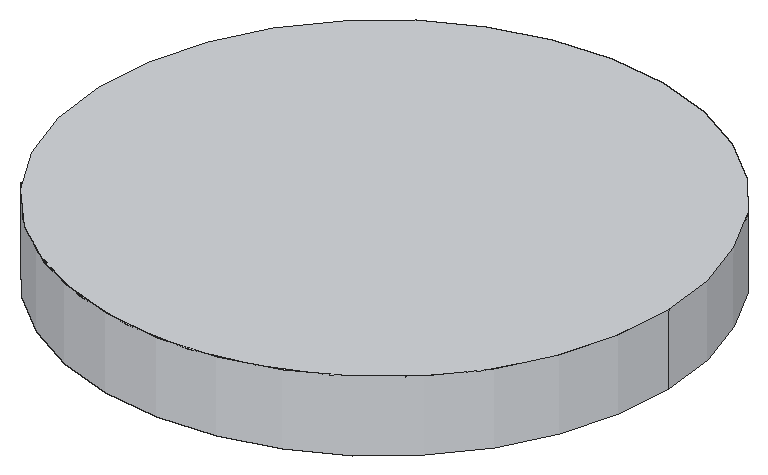
Revit family "EF-F_Existing Ckt Placeholder-Unbalanced_CED", category Electrical Fixtures, host Face, Revit 2024
Family settings
  Host = Face
  Round Connector Dimension = Use Diameter
  Part Type = Normal
  OmniClass Number = 23.80.00.00
  OmniClass Title = Electric Power and Lighting
  Cut with Voids When Loaded = No
  Maintain Annotation Orientation = Yes
  Shared = No
  Room Calculation Point = No
Parameters (values of type "480V/3P")
  Voltage_CED [instance] = Connector Voltage  # 480 V
  Thickness = 0' - 0 1/8"
  Symbol Visible_CED = yes
  Radius = 0.5 * Diameter  # 0' - 0 1/2"
  Power Factor_CED [instance] = 1
  Phase_CED [instance] = if(Number of Poles_CED = 3, 3, 1)  # 3
  OCPD Rating_CED = 0 A
  Number of Poles_CED [instance] = Connector Number of Poles  # 3
  Load Classification_CED [instance] = EX
  Filter_CEDT [instance] = ""
  Equipment Type_CEDT = "EXISTING CIRCUIT PLACEHOLDER"  # constant formula
  Equipment ID_CEDT [instance] = ""
  Diameter = 0' - 1"
  Default Elevation = 4' - 0"
  Connector Voltage = 480 V
  Connector Number of Poles = 3
  Apparent Load Ph 3_CED [instance] = 0 VA
  Apparent Load Ph 2_CED [instance] = 0 VA
  Apparent Load Ph 1_CED [instance] = 0 VA
  Ampacity Rating_CED [instance] = 0 A
Types (6): name | Voltage_CED | Phase_CED | Number of Poles_CED | Connector Voltage | Connector Number of Poles
  208V/2P | 208 V | 1 | 2 | 208 V | 2
  208V/3P | 208 V | 3 | 3 | 208 V | 3
  480V/3P | 480 V | 3 | 3 | 480 V | 3
  480V/2P | 480 V | 1 | 2 | 480 V | 2
  277V/1P | 277 V | 1 | 1 | 277 V | 1
  120V/1P | 120 V | 1 | 1 | 120 V | 1
Reference planes (in)
  plane 1 "Center (Front/Back)": y = 0
  plane 2: z = 0
  plane 3 "Center (Left/Right)": x = 0
  plane 4: z = 0.125
Forms (in)
  Extrusion 1, solid, detail levels medium+fine
    sketch origin (0, 0, 0) x (1, 0, 0) y (0, 1, 0)
      loop
        circle (0, 0) r 0.5
    from 0 to 0.125
Dimensions and locks (in)
  "Thickness": plane 4 to level
  "Radius": radius of Extrusion 1 sketch curve
  aligned and locked: plane 2 to host face
  aligned and locked: level to host face
  aligned and locked: plane 4 to Extrusion 1
  aligned and locked: plane 3 "Center (Left/Right)" to Extrusion 1 sketch curve
  aligned and locked: plane 1 "Center (Front/Back)" to Extrusion 1 sketch curve
Automatic sketch dimensions
  host sketch curve to host sketch curve = 8' - 0"  (x2)
Nested families (in)
  nested 1: "E_SYM-Electrical Connection" at (0, 0, 0), visible <- "Symbol Visible_CED", type "E_SYM-Electrical Connection"
Connectors (in)
  electrical at (0, 0, 0.125), driven by "Connector Number of Poles", driven by "Load Classification_CED", driven by "Connector Voltage", driven by "Power Factor_CED", driven by "Apparent Load Ph 1_CED", driven by "Apparent Load Ph 2_CED", driven by "Apparent Load Ph 3_CED"
    settings: on Extrusion 1, index 1, voltage 480 V, apparent load 0 VA, apparent load phase1 0 VA, apparent load phase2 0 VA, apparent load phase3 0 VA, power factor 1, load classification "EX", number of poles 3, system type 31, power factor state 1, is connector primary yes, connector utility no, sub classification motor no, connector description ""
Definition of nested family "E_SYM-Electrical Connection"
  Reference planes (in)
    plane 1: y = 0
    plane 2: x = 0
  Lines and regions (in)
    detail lines
      curve 1: circle (0, 0, 0) r 0.02083 normal (0, 0, 1)
      curve 2: line (-0.02083, 0, 0) -> (0.02083, 0, 0)
      curve 3: line (0, 0.02083, 0) -> (0, -0.02083, 0)
